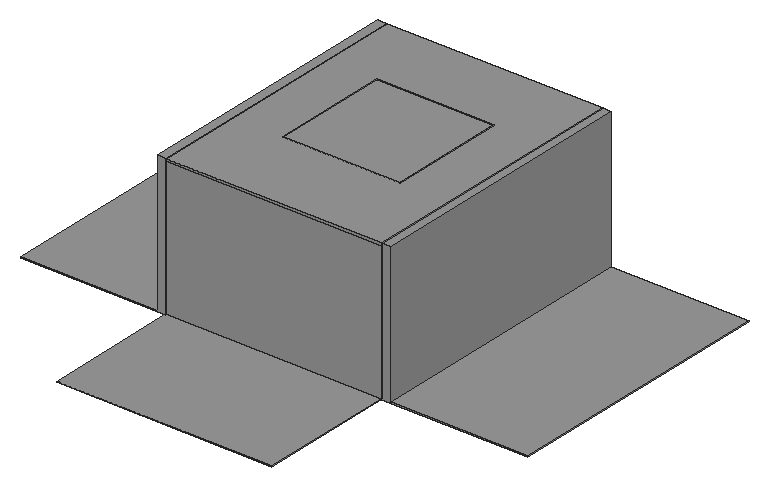
Revit family "OKA-G Anbaueinheit für GES4, Höhe 40-240mm", category Generic Models, Revit 2015
Parameters (values of type "OKA-G A 402404")
  Width = 400 mm
  URL = "http://www.obo-bettermann.com"
  Material = Steel, Galvanized
  Manufacturer Art. No. = "7424004"
  Manufacturer = "OBO Bettermann"
  Length = 473 mm
  HeightCalc [instance] = if(Height < 40 mm, 40 mm, (if(Height > 240 mm, 240 mm, Height)))  # 240 mm
  Height [instance] = 500 mm
  GTIN = "4012195242949"
  Article Type = "OKA-G40040140"
Reference planes
  plane 1 "Center (Front/Back)": y = 0
  plane 2: z = 0
  plane 3 "Center (Left/Right)": x = 0
  plane 4: z = 240
  plane 5: y = -473
  plane 6: x = 200
  plane 7: x = -200
Forms (mm)
  Extrusion 1, solid, material "Aluminum 6061"
    sketch origin (0, 0, 0) x (1, 0, 0) y (0, 0, 1)
      loop
        line (185, 240) -> (185, 0) -> (435, 0) -> (435, 1) -> (200, 1) -> (200, 240) -> (185, 240)
      loop
        line (-200, 1) -> (-435, 1) -> (-435, 0) -> (-185, 0) -> (-185, 240) -> (-200, 240) -> (-200, 1)
    from 0 to 473
  Extrusion 2, solid, material "Steel, Galvanized" <- "Material"
    sketch origin (0, 0, 0) x (1, 0, 0) y (0, 0, 1)
      loop
        line (185, 236) -> (185, 240) -> (-185, 240) -> (-185, 236) -> (185, 236)
    from 0 to 473
  Extrusion 3, solid, material "Aluminum 6061"
    sketch origin (0, 0, 0) x (0, 1, 0) y (0, 0, 1)
      loop
        line (-473, 236) -> (-473, 1) -> (-708, 1) -> (-708, 0) -> (-458, 0) -> (-458, 236) -> (-473, 236)
    from -185 to 185
  Extrusion 4, void
    sketch origin (0, 0, 0) x (1, 0, 0) y (0, 1, 0)
      loop
        line (-100.5, -127.5) -> (-100.5, -328.5) -> (100.5, -328.5) -> (100.5, -127.5) -> (-100.5, -127.5)
    from 0 to 250
  Extrusion 5, solid, material "Steel, Galvanized" <- "Material"
    sketch origin (0, 0, 0) x (1, 0, 0) y (0, 1, 0)
      loop
        line (-100.5, -127.5) -> (-100.5, -328.5) -> (100.5, -328.5) -> (100.5, -127.5) -> (-100.5, -127.5)
    from 236 to 240
Cuts and joins
  Extrusion 4 cuts Extrusion 2
Lines and regions (mm)
  model lines
    curve 1: line (-200, 0, 240) -> (-185, 0, 240)
    curve 2: line (-185, 0, 240) -> (-185, 0, 0)
    curve 3: line (-185, 0, 0) -> (-435, 0, 0)
    curve 4: line (-435, 0, 0) -> (-435, 0, 1)
    curve 5: line (-435, 0, 1) -> (-200, 0, 1)
    curve 6: line (-200, 0, 1) -> (-200, 0, 240)
    curve 7: line (185, 0, 240) -> (185, 0, 0)
    curve 8: line (185, 0, 0) -> (435, 0, 0)
    curve 9: line (435, 0, 0) -> (435, 0, 1)
    curve 10: line (435, 0, 1) -> (200, 0, 1)
    curve 11: line (200, 0, 1) -> (200, 0, 240)
    curve 12: line (200, 0, 240) -> (185, 0, 240)
    curve 13: line (185, 0, 240) -> (185, 0, 0)
    curve 14: line (-185, 0, 0) -> (-185, 0, 240)
    curve 15: line (-185, 0, 240) -> (185, 0, 240)
    curve 16: line (-185, 0, 236) -> (185, 0, 236)
Dimensions and locks
  locked: curve 5 to curve 3 at 1
  locked: curve 2 to curve 6 at 15
  locked: curve 10 to curve 8 at 1
  locked: curve 2 to curve 4 at 250
  locked: curve 9 to curve 7 at 250
  locked: curve 11 to curve 7 at 15
  "Length": plane 1 "Center (Front/Back)" to plane 5
  equal spacing: plane 7, plane 3 "Center (Left/Right)", plane 6
  "Width": plane 7 to plane 6
  "HeightCalc": level to plane 4
  locked: curve 16 to curve 15 at 4
  Extrusion 3 sketch curve to Extrusion 1 = 15 mm
  locked: Extrusion 3 sketch curve to Extrusion 3 sketch curve at 250
  locked: Extrusion 3 sketch curve to Extrusion 3 sketch curve at 1
  locked: Extrusion 4 sketch curve to Extrusion 4 sketch curve at 201  (x2)
  equal spacing: Extrusion 4 sketch curve, plane 3 "Center (Left/Right)", Extrusion 4 sketch curve, locked at 100.5 each
  locked: Extrusion 2 to Extrusion 4 sketch curve at 127.5
  aligned and locked: level to plane 2
  aligned and locked: level to curve 3
  aligned and locked: curve 6 to plane 7
  aligned and locked: curve 11 to plane 6
  aligned and locked: plane 4 to curve 1
  aligned and locked: curve 8 to level
  aligned and locked: Extrusion 1 sketch curve to curve 13
  aligned and locked: Extrusion 1 sketch curve to curve 12
  aligned and locked: Extrusion 1 sketch curve to curve 11
  aligned and locked: Extrusion 1 sketch curve to curve 10
  aligned and locked: Extrusion 1 sketch curve to curve 9
  aligned and locked: Extrusion 1 sketch curve to curve 8
  aligned and locked: Extrusion 1 sketch curve to curve 6
  aligned and locked: Extrusion 1 sketch curve to curve 14
  aligned and locked: Extrusion 1 sketch curve to curve 1
  aligned and locked: Extrusion 1 sketch curve to curve 5
  aligned and locked: Extrusion 1 sketch curve to curve 3
  aligned and locked: Extrusion 1 sketch curve to curve 4
  aligned and locked: Extrusion 1 to plane 5
  aligned and locked: Extrusion 2 sketch curve to curve 16
  aligned and locked: Extrusion 2 sketch curve to curve 15
  aligned and locked: Extrusion 2 sketch curve to curve 2
  aligned and locked: Extrusion 2 sketch curve to curve 7
  aligned and locked: Extrusion 2 to plane 5
  aligned and locked: level to Extrusion 3 sketch curve
  aligned and locked: Extrusion 3 sketch curve to plane 5
  aligned and locked: Extrusion 3 to curve 1
  aligned and locked: Extrusion 3 to Extrusion 1
  aligned and locked: Extrusion 3 to Extrusion 2
  aligned and locked: Extrusion 5 sketch curve to cut or joined group of Extrusion 2, Extrusion 4  (x4)
  aligned and locked: curve 16 to Extrusion 5
  aligned and locked: Extrusion 5 to curve 1
Automatic sketch dimensions
  Extrusion 3 sketch curve to plane 4 = 4 mm
